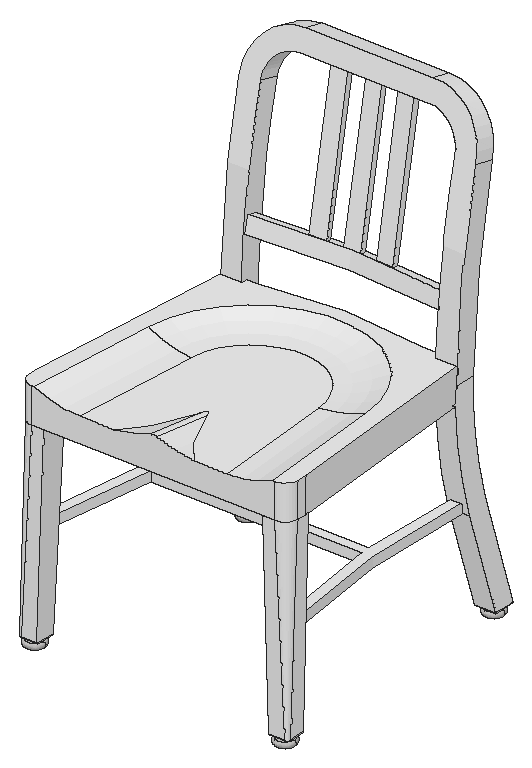
Revit family
Parameters (values of type "1006-C")
  Width = 15 1/2"
  Weight (lbs) = 0.4
  Warranties = "Life-time Warranty"  # constant formula
  URL = "www.emeco.net"
  Trolly for tow Stacks = "N/A"  # constant formula
  Stackable = "Does Not Stack"  # constant formula
  Spinneybeck Volo Leather = "Yes"  # constant formula
  Sound Attenuation Pad = ""
  Seat Pad Finish = EMECO-Black Vinyl
  Seat Pad Accessory [instance] = no
  Seat Material = "EMECO-Recycled Aluminum"  # constant formula
  Seat Height = 14 3/4"
  Seat Finish = EMECO-Hand Brushed
  Product Name = "Navy® Child’s Chair"  # constant formula
  Outdoor Warranty = "Life Time Warranty"  # constant formula
  Model = "1006-C"  # constant formula
  Manufacturer = "Emeco"  # constant formula
  Integrated Felt Glide = "Yes"  # constant formula
  Height = 29 1/2"
  Glides = EMECO-Steel Glide with Lexan® Caps
  Frame Material = "EMECO-Recycled Aluminum"  # constant formula
  Frame Finish = EMECO-Hand Brushed
  Fire Retardant Seat Pad = "C.o.m; 5yd C.o.l.;10sq Ft"  # constant formula
  Fire Retardant = "Certified Acc To Bs And Cal133"  # constant formula
  Depth = 19 1/2"
  Created by = "Contino"  # constant formula
  Collaborator = "U.S.Navy"  # constant formula
  Back Material = "EMECO-Recycled Aluminum"  # constant formula
  Back Finish = EMECO-Hand Brushed
  BIFMA = "Yes"  # constant formula
  Assembly Code = "E2020200"
Reference planes (in)
  plane 1 "Center Front/Back": y = 0
  plane 2 "Reference Plane": z = 0
  plane 3 "Center Left/Right": x = 0
  plane 4 "Left 1": x = -7.75
  plane 5 "Right 1": x = 7.75
  plane 6 "Front 1": y = -19.5
  plane 7 "Top 1": z = 14.75
  plane 8 "Top 2": z = 29.5
Forms (in)
  Extrusion 1, solid, material "EMECO-Hand Brushed" <- "Frame Finish"
    sketch origin (-0.06407, -7.61164, 0) x (1, 0, 0) y (0, 1, 0)
      loop
        arc (-6.21612, -1.48365) -> (-6.16769, 1.61462) -> (-6.32148, 4.70946) r 47.47382
        line (-6.32148, 4.70946) -> (-6.91417, 4.70946)
        arc (-6.91417, 4.70946) -> (-6.88167, -2.04561) -> (-7.77144, -8.74189) r 49.37756
        line (-7.77144, -8.74189) -> (-7.16743, -8.74189)
        arc (-7.16743, -8.74189) -> (-6.57468, -5.42648) -> (-6.24979, -2.07421) r 41.95177
        line (-6.24979, -2.07421) -> (6.37794, -2.07421)
        arc (6.37794, -2.07421) -> (6.70283, -5.42648) -> (7.29558, -8.74189) r 41.95177
        line (7.29558, -8.74189) -> (7.89959, -8.74189)
        arc (7.89959, -8.74189) -> (7.00982, -2.04561) -> (7.04232, 4.70946) r 49.37756
        line (7.04232, 4.70946) -> (6.44962, 4.70946)
        arc (6.44962, 4.70946) -> (6.29584, 1.61462) -> (6.34427, -1.48365) r 47.47382
        line (6.34427, -1.48365) -> (-6.21612, -1.48365)
    from 6 to 6.59055
  Extrusion 2, solid, material "EMECO-Hand Brushed" <- "Frame Finish"
    sketch origin (-22.46875, -7.61164, 0) x (0, 1, 0) y (0, 0, 1)
      loop
        arc (3.78838, 12.17741) -> (3.96017, 12.10924) -> (4.03849, 11.94184) r 0.25056
        arc (4.03849, 11.94184) -> (4.25611, 8.93964) -> (4.72866, 5.96689) r 35.30758
        line (4.72866, 5.96689) -> (5.83844, 0.5) -> (7.11404, 0.5) -> (5.90595, 6.45115)
        arc (5.90595, 6.45115) -> (5.48737, 9.07126) -> (5.28936, 11.7172) r 31.7016
        arc (5.28936, 11.7172) -> (5.94144, 20.15655) -> (7.94828, 28.3797) r 52.22508
        line (7.94828, 28.3797) -> (6.72833, 28.67193)
        arc (6.72833, 28.67193) -> (4.73558, 20.53036) -> (4.03953, 12.17741) r 53.47508
        line (4.03953, 12.17741) -> (3.78838, 12.17741)
    from 13.87342 to 31.06408
  Extrusion 3, void
    sketch origin (-22.46875, -7.61164, 0) x (1, 0, 0) y (0, 0, 1)
      loop
        arc (29.54938, 13.13264) -> (29.75121, 6.54461) -> (30.53283, 0) r 74.71854
        line (30.53283, 0) -> (29.27118, 0)
        arc (29.27118, 0) -> (28.54779, 6.06979) -> (28.29734, 12.17741) r 78.75481
        line (28.29734, 12.17741) -> (28.29734, 21.97479) -> (16.64016, 21.97479) -> (16.64016, 12.17741)
        arc (16.64016, 12.17741) -> (16.38971, 6.06979) -> (15.66632, 0) r 78.75481
        line (15.66632, 0) -> (14.40467, 0)
        arc (14.40467, 0) -> (15.18629, 6.54461) -> (15.38812, 13.13264) r 74.71854
        line (15.38812, 13.13264) -> (15.38812, 21.97479) -> (13.87342, 21.97479) -> (13.87342, -1.14703) -> (31.06408, -1.14703) -> (31.06408, 21.97479) -> (29.54938, 21.97479) -> (29.54938, 13.13264)
    from -8.18579 to -3.66758
  Sweep 4, solid, material "EMECO-Hand Brushed" <- "Back Finish"
    path in 3D
      loop
        line (1.49222, -0.87233, 26.17025) -> (1.49222, -2.57038, 17.43451)
    profile origin (1.49222, -1.72136, 21.80238) x (0.99863, -0.051374, 0.009986) y (-0.052336, -0.980282, 0.190547)
      loop
        line (0, -0.31496) -> (1, -0.31496) -> (1.01651, 0) -> (0, 0) -> (0, -0.31496)
  Sweep 5, solid, material "EMECO-Hand Brushed" <- "Back Finish"
    path in 3D
      loop
        line (-0.50021, -0.82204, 26.15859) -> (-0.50021, -2.5165, 17.44134)
    profile origin (-0.50021, -1.66927, 21.79997) x (0, -0.981627, 0.190809) y (-1, 0, 0)
      loop
        line (0, -1) -> (0, 0) -> (-0.31496, 0) -> (-0.31496, -1) -> (0, -1)
  Sweep 6, solid, material "EMECO-Hand Brushed" <- "Back Finish"
    path in 3D
      loop
        line (-2.49085, -2.62933, 17.40555) -> (-2.49085, -0.92335, 26.18207)
    profile origin (-2.49085, -1.77634, 21.79381) x (-0.052336, 0.980282, -0.190547) y (-0.99863, -0.051374, 0.009986)
      loop
        line (0, 0) -> (0, -1) -> (0.31496, -1) -> (0.31496, 0) -> (0, 0)
  Blend 7, solid, material "EMECO-Hand Brushed" <- "Frame Finish"
    base sketch origin (0, 0, 14.75) x (1, 0, 0) y (0, 1, 0)
      loop
        line (8.07085, -16.29385) -> (6.94585, -16.29385) -> (6.94585, -17.41885) -> (7.874, -17.41885)
        arc (7.874, -17.41885) -> (8.01319, -17.36119) -> (8.07085, -17.222) r 0.19685
        line (8.07085, -17.222) -> (8.07085, -16.29385)
    top sketch origin (0, 0, 14.75) x (1, 0, 0) y (0, 1, 0)
      loop
        line (8.07071, -15.91885) -> (6.57071, -15.91885) -> (6.57071, -17.41885) -> (7.28716, -17.41885)
        arc (7.28716, -17.41885) -> (7.83558, -17.19499) -> (8.07071, -16.6513) r 0.78372
        line (8.07071, -16.6513) -> (8.07071, -15.91885)
    from -14.25 to -2.6549
  Extrusion 8, void
    sketch origin (480, -1.24048, 27.54709) x (0, -0.238311, -0.971189) y (1, 0, 0)
      loop
        line (0, -483.82109) -> (0, -476.17891)
        spline (0, -476.17891) -> (0.01426, -475.75012) -> (0.08887, -475.32918) -> (0.22228, -474.92167) -> (0.41085, -474.53732) -> (0.65028, -474.18177) -> (0.93509, -473.86204) -> (1.25977, -473.58288) -> (1.61832, -473.3484) -> (2.0042, -473.16232) -> (2.41124, -473.02739) -> (2.83129, -472.94602) -> (3.25954, -472.91937)
        line (3.25954, -472.91937) -> (6.3545, -472.91937) -> (6.3545, -470.41937) -> (-3.8955, -470.41937) -> (-3.8955, -489.58063) -> (6.3545, -489.58063) -> (6.3545, -487.08063) -> (3.53203, -487.08063) -> (3.25954, -487.08063)
        spline (3.25954, -487.08063) -> (2.83813, -487.03562) -> (2.42706, -486.94064) -> (2.0291, -486.79645) -> (1.65178, -486.60529) -> (1.30072, -486.36966) -> (0.98126, -486.0926) -> (0.69888, -485.77782) -> (0.45867, -485.42995) -> (0.26513, -485.05387) -> (0.12224, -484.65538) -> (0.03348, -484.24334) -> (0, -483.82109)
      loop
        spline (1.25, -483.81362) -> (1.26793, -484.06877) -> (1.31875, -484.31471) -> (1.40275, -484.55572) -> (1.51799, -484.78476) -> (1.66312, -484.9992) -> (1.83584, -485.1955) -> (2.03338, -485.37029) -> (2.25239, -485.52053) -> (2.48899, -485.64355) -> (2.74048, -485.73766) -> (2.99941, -485.80064) -> (3.26864, -485.83226)
        line (3.26864, -485.83226) -> (6.3545, -485.83226) -> (6.3545, -474.16774) -> (3.26846, -474.16774)
        spline (3.26846, -474.16774) -> (2.99629, -474.18775) -> (2.73129, -474.24233) -> (2.47477, -474.33054) -> (2.23244, -474.45071) -> (2.00852, -474.60061) -> (1.80762, -474.77707) -> (1.63347, -474.97656) -> (1.48854, -475.1966) -> (1.37625, -475.43093) -> (1.2983, -475.67716) -> (1.25614, -475.9282) -> (1.25, -476.18621)
        line (1.25, -476.18621) -> (1.25, -483.81362)
    from -4.61778 to 12
  Extrusion 9, solid, material "EMECO-Hand Brushed" <- "Back Finish"
    sketch origin (0.04487, -13.06529, -2.1164) x (1, 0, 0) y (0, 0.9743, -0.225256)
      loop
        line (-5.88955, 5.816) -> (-5.88955, 5.25123)
        arc (-5.88955, 5.25123) -> (-0.0633, 5.82295) -> (5.76527, 5.27533) r 30.61781
        line (5.76527, 5.27533) -> (5.76527, 5.84138)
        arc (5.76527, 5.84138) -> (-0.06342, 6.4176) -> (-5.88955, 5.816) r 29.12633
    from 20.49718 to 21.48271
  Extrusion 10, solid, material "EMECO-Black Vinyl" <- "Seat Pad Finish", visible <- "Seat Pad Accessory"
    sketch origin (0.00148, -9.25842, -2.92368) x (1, 0, 0) y (0, 1, 0)
      loop
        line (-7.30395, -8.16043) -> (7.30228, -8.16043)
        arc (7.30228, -8.16043) -> (7.84516, -7.93556) -> (8.07003, -7.39268) r 0.76775
        line (8.07003, -7.39268) -> (8.07003, -6.82559) -> (7.06744, 5.7924)
        arc (7.06744, 5.7924) -> (-0.00158, 6.60473) -> (-7.06972, 5.78482) r 31.01929
        line (-7.06972, 5.78482) -> (-8.0717, -6.82559) -> (-8.0717, -7.39268)
        arc (-8.0717, -7.39268) -> (-7.84684, -7.93556) -> (-7.30395, -8.16043) r 0.76775
    from 17.09691 to 17.57515
  Extrusion 11, solid, material "EMECO-Black Vinyl" <- "Seat Pad Finish", visible <- "Seat Pad Accessory"
    sketch origin (0.00064, 2.17189, -3.93701) x (1, 0, 0) y (0, 0, 1)
      loop
        line (0.01528, 18.11024) -> (-7.17001, 18.11024)
        arc (-7.17001, 18.11024) -> (-6.02048, 17.71876) -> (-4.81939, 17.53976) r 6.74487
        line (-4.81939, 17.53976) -> (-2.27906, 17.53976)
        arc (-2.27906, 17.53976) -> (-1.11143, 17.74269) -> (0.01528, 18.11024) r 8.28046
      loop
        line (7.17004, 18.11024) -> (0.05589, 18.11024)
        arc (0.05589, 18.11024) -> (1.24138, 17.72831) -> (2.47074, 17.5285) r 8.28046
        line (2.47074, 17.5285) -> (4.43898, 17.5285)
        arc (4.43898, 17.5285) -> (5.83494, 17.67649) -> (7.17004, 18.11024) r 6.74487
    from 8.90334 to 19.59074
  Extrusion 12, solid, material "EMECO-Hand Brushed" <- "Seat Finish"
    sketch origin (0.03623, -10.71575, -5.0265) x (1, 0, 0) y (0, 0.133986, 0.990983)
      loop
        arc (-0.20043, 18.05396) -> (-1.39097, 17.7038) -> (-2.62027, 17.5341) r 8.34335
        line (-2.62027, 17.5341) -> (2.62027, 17.5341)
        arc (2.62027, 17.5341) -> (1.39097, 17.7038) -> (0.20043, 18.05396) r 8.34335
        arc (0.20043, 18.05396) -> (0, 18.09048) -> (-0.20043, 18.05396) r 0.56823
    from 2.48752 to 9.26967
  Extrusion 13, void
    sketch origin (0.03623, -7.37418, -3.43698) x (0, 0.99863, 0.052336) y (0, -0.052336, 0.99863)
      loop
        line (-9.1538, 17.26191) -> (-9.10146, 18.26054) -> (-9.37219, 18.27473) -> (-9.42453, 17.2761) -> (-9.1538, 17.26191)
    from -2.72998 to 2.75575
  Sweep 14, void
    path in 3D
      loop
        line (-4.46741, -18.0255, 13.35299) -> (-3.82305, -9.80071, 13.35299)
        arc (-3.82305, -9.80071, 13.35299) -> (0.00065, -6.26485, 13.35299) -> (3.82435, -9.80071, 13.35299) r 3.83542
        line (3.82435, -9.80071, 13.35299) -> (4.47794, -18.1432, 13.35299)
    profile origin (-4.14523, -13.9131, 13.35299) x (-0.996937, 0.078104, -0.004093) y (-0.004081, 0.00032, 0.999992)
      loop
        line (2.73771, 0.83145) -> (-0.00336, 0.82023) -> (-0.00098, 0.23851)
        arc (-0.00098, 0.23851) -> (1.39968, 0.39035) -> (2.73771, 0.83145) r 6.70678
  Extrusion 15, void
    sketch origin (0.00064, -7.57811, 26.66357) x (1, 0, 0) y (0, 1, 0)
      loop
        line (-3.82369, -2.2226) -> (-4.44011, -10.09074) -> (4.44013, -10.09074) -> (3.82371, -2.2226)
        arc (3.82371, -2.2226) -> (0.00001, 1.31325) -> (-3.82369, -2.2226) r 3.83542
    from -13.07208 to -11.7017
  Extrusion 16, solid, material "EMECO-Hand Brushed" <- "Seat Finish"
    sketch origin (-0.00016, -7.38954, -4.01513) x (1, 0, 0) y (0, 1, 0)
      loop
        line (-7.04767, 4.17284) -> (-8.07075, -8.70303) -> (-8.07075, -9.24558)
        arc (-8.07075, -9.24558) -> (-7.8412, -9.79976) -> (-7.28703, -10.0293) r 0.78372
        line (-7.28703, -10.0293) -> (7.28731, -10.0293)
        arc (7.28731, -10.0293) -> (7.83574, -9.80545) -> (8.07087, -9.26176) r 0.78372
        line (8.07087, -9.26176) -> (8.07087, -8.68444) -> (7.03933, 4.29784) -> (4.48649, 4.29784)
        arc (4.48649, 4.29784) -> (-0.32362, 4.69856) -> (-5.12167, 4.17284) r 25.14563
        line (-5.12167, 4.17284) -> (-7.04767, 4.17284)
    from 16.11024 to 18.18836
  Revolve 17, solid, material "EMECO-Steel Glide with Lexan® Caps" <- "Glides"
    sketch origin (-0.40985, -16.8637, 0.00252) x (1, 0, 0) y (0, 0, 1)
      loop
        line (-7.6636, -0.00252) -> (-7.125, -0.00252) -> (-7.125, 0.46484) -> (-7.375, 0.46484) -> (-7.375, 0.3125) -> (-7.6636, 0.3125)
        arc (-7.6636, 0.3125) -> (-7.75036, 0.15499) -> (-7.6636, -0.00252) r 0.18636
      axis (-7.125, 0.46484) -> (-7.125, -0.00252)
    angle from 0 to 360
  Extrusion 18, solid, material "EMECO-Steel Glide with Lexan® Caps" <- "Glides"
    sketch origin (-0.05043, -7.56209, 30.61184) x (1, 0, 0) y (0, 1, 0)
      loop
        line (-7.77415, -9.84074) -> (-6.89542, -9.84074) -> (-6.89542, -8.73176) -> (-8.02042, -8.73176) -> (-8.02042, -9.59351)
        arc (-8.02042, -9.59351) -> (-7.94835, -9.76799) -> (-7.77415, -9.84074) r 0.24723
      loop
        arc (7.87567, -9.84074) -> (8.04987, -9.76799) -> (8.12194, -9.59351) r 0.24723
        line (8.12194, -9.59351) -> (8.12194, -8.73176) -> (6.99608, -8.73176) -> (6.99608, -9.84074) -> (7.87567, -9.84074)
      loop
        line (-7.93317, 7.06448) -> (-7.93317, 5.78888) -> (-6.67427, 5.78888) -> (-6.67427, 7.06448) -> (-7.93317, 7.06448)
      loop
        line (8.03403, 7.06448) -> (6.77512, 7.06448) -> (6.77512, 5.78888) -> (8.03403, 5.78888) -> (8.03403, 7.06448)
    from -30.14448 to -30.11184
  Revolve 19, solid, material "EMECO-Steel Glide with Lexan® Caps" <- "Glides"
    sketch origin (0.3715, -16.89495, 0.00252) x (-1, 0, 0) y (0, 0, -1)
      loop
        arc (-7.6636, 0.00252) -> (-7.75036, -0.15499) -> (-7.6636, -0.3125) r 0.18636
        line (-7.6636, -0.3125) -> (-7.375, -0.3125) -> (-7.375, -0.46484) -> (-7.125, -0.46484) -> (-7.125, 0.00252) -> (-7.6636, 0.00252)
      axis (-7.125, -0.46484) -> (-7.125, 0.00252)
    angle from 0 to 360
  Revolve 20, solid, material "EMECO-Steel Glide with Lexan® Caps" <- "Glides"
    sketch origin (-0.23229, -1.13871, 0.00252) x (1, 0, 0) y (0, 0, 1)
      loop
        line (-7.6636, -0.00252) -> (-7.125, -0.00252) -> (-7.125, 0.46484) -> (-7.375, 0.46484) -> (-7.375, 0.3125) -> (-7.6636, 0.3125)
        arc (-7.6636, 0.3125) -> (-7.75036, 0.15499) -> (-7.6636, -0.00252) r 0.18636
      axis (-7.125, 0.46484) -> (-7.125, -0.00252)
    angle from 0 to 360
  Revolve 21, solid, material "EMECO-Steel Glide with Lexan® Caps" <- "Glides"
    sketch origin (0.24081, -1.10746, 0.00252) x (-1, 0, 0) y (0, 0, -1)
      loop
        arc (-7.6636, 0.00252) -> (-7.75036, -0.15499) -> (-7.6636, -0.3125) r 0.18636
        line (-7.6636, -0.3125) -> (-7.375, -0.3125) -> (-7.375, -0.46484) -> (-7.125, -0.46484) -> (-7.125, 0.00252) -> (-7.6636, 0.00252)
      axis (-7.125, -0.46484) -> (-7.125, 0.00252)
    angle from 0 to 360
  Blend 22, solid, material "EMECO-Hand Brushed" <- "Frame Finish"
    base sketch origin (0, 0, 14.75) x (-1, 0, 0) y (0, -1, 0)
      loop
        line (8.07085, 16.29385) -> (8.07085, 17.222)
        arc (8.07085, 17.222) -> (8.01319, 17.36119) -> (7.874, 17.41885) r 0.19685
        line (7.874, 17.41885) -> (6.94585, 17.41885) -> (6.94585, 16.29385) -> (8.07085, 16.29385)
    top sketch origin (0, 0, 14.75) x (-1, 0, 0) y (0, -1, 0)
      loop
        line (8.07071, 15.91885) -> (8.07071, 16.6513)
        arc (8.07071, 16.6513) -> (7.83558, 17.19499) -> (7.28716, 17.41885) r 0.78372
        line (7.28716, 17.41885) -> (6.57071, 17.41885) -> (6.57071, 15.91885) -> (8.07071, 15.91885)
    from -14.25 to -2.6549
Cuts and joins
  Extrusion 3 cuts Extrusion 1
  Extrusion 3, Extrusion 8 cuts Extrusion 2
  joined: Extrusion 10, Extrusion 11
  Extrusion 13 cuts Extrusion 12
  Sweep 14, Extrusion 15 cuts Extrusion 16
  joined: Extrusion 12, Extrusion 16
Lines and regions (in)
  Masking region 1
    outline origin (0.02205, 0, -3.93701) x (1, 0, 0) y (0, 0, 1)
      loop
        line (-7.08063, 30.19838) -> (-7.08063, 18.68701) -> (-7.77205, 18.68701) -> (-7.77205, 4.40437) -> (-7.55188, 4.40437) -> (-7.55188, 4.25203) -> (-7.84048, 4.25203)
        arc (-7.84048, 4.25203) -> (-7.92447, 4.09452) -> (-7.84048, 3.93701) r 0.18969
        line (-7.84048, 3.93701) -> (-6.58571, 3.93701)
        arc (-6.58571, 3.93701) -> (-6.4987, 4.09452) -> (-6.58571, 4.25203) r 0.18607
        line (-6.58571, 4.25203) -> (-6.87431, 4.25203) -> (-6.87431, 4.40437) -> (-6.63235, 4.40437) -> (-6.63235, 4.43701) -> (-6.60396, 5.40215)
        arc (-6.60396, 5.40215) -> (-6.31888, 7.66589) -> (-6.10022, 9.93701) r 77.8866
        line (-6.10022, 9.93701) -> (6.05611, 9.93701)
        arc (6.05611, 9.93701) -> (6.27477, 7.66589) -> (6.55985, 5.40215) r 77.8866
        line (6.55985, 5.40215) -> (6.5892, 4.40437) -> (6.8302, 4.40437) -> (6.8302, 4.25203) -> (6.5416, 4.25203)
        arc (6.5416, 4.25203) -> (6.45459, 4.09452) -> (6.5416, 3.93701) r 0.18607
        line (6.5416, 3.93701) -> (7.79637, 3.93701)
        arc (7.79637, 3.93701) -> (7.88036, 4.09452) -> (7.79637, 4.25203) r 0.18969
        line (7.79637, 4.25203) -> (7.50777, 4.25203) -> (7.50777, 4.40437) -> (7.72795, 4.40437) -> (7.72795, 18.68701) -> (7.08063, 18.68701) -> (7.08063, 30.22358)
        spline (7.08063, 30.22358) -> (7.04542, 30.65389) -> (6.95462, 31.07506) -> (6.80984, 31.47983) -> (6.61386, 31.86144) -> (6.3704, 32.21355) -> (6.08364, 32.53016) -> (5.75865, 32.80611) -> (5.40113, 33.03673) -> (5.01735, 33.21801) -> (4.61403, 33.34736) -> (4.19823, 33.42329) -> (3.777, 33.44432)
        line (3.777, 33.44432) -> (-3.75115, 33.44432)
        spline (-3.75115, 33.44432) -> (-4.17575, 33.42335) -> (-4.59489, 33.34707) -> (-5.00128, 33.21637) -> (-5.38797, 33.03334) -> (-5.74823, 32.801) -> (-6.07572, 32.52291) -> (-6.36483, 32.20391) -> (-6.61024, 31.84909) -> (-6.80774, 31.46447) -> (-6.95363, 31.05652) -> (-7.04514, 30.63205) -> (-7.08063, 30.19838)
      loop
        line (-5.85991, 30.03646) -> (-5.85991, 21.71519)
        arc (-5.85991, 21.71519) -> (-4.18595, 21.84196) -> (-2.50933, 21.92645) r 66.52122
        line (-2.50933, 21.92645) -> (-2.50933, 31.92639) -> (-3.77205, 31.92639)
        arc (-3.77205, 31.92639) -> (-5.18015, 31.38373) -> (-5.85991, 30.03646) r 2.09822
      loop
        arc (-1.50933, 21.95667) -> (-1.0049, 21.96621) -> (-0.5004, 21.97192) r 66.52122
        line (-0.5004, 21.97192) -> (-0.5004, 31.92639) -> (-1.50933, 31.92639) -> (-1.50933, 21.95667)
      loop
        arc (0.4996, 21.97192) -> (1.00449, 21.96621) -> (1.50933, 21.95667) r 66.52122
        line (1.50933, 21.95667) -> (1.50933, 31.92639) -> (0.4996, 31.92639) -> (0.4996, 21.97192)
      loop
        arc (2.50933, 21.92645) -> (4.16905, 21.84303) -> (5.82617, 21.71817) r 66.52122
        line (5.82617, 21.71817) -> (5.82617, 29.82817)
        arc (5.82617, 29.82817) -> (5.21161, 31.31183) -> (3.72795, 31.92639) r 2.09822
        line (3.72795, 31.92639) -> (2.50933, 31.92639) -> (2.50933, 21.92645)
      loop
        line (5.82866, 18.68701) -> (5.82866, 20.8996)
        arc (5.82866, 20.8996) -> (-0.0156, 21.13867) -> (-5.85991, 20.90065) r 71.7109
        line (-5.85991, 20.90065) -> (-5.85991, 18.68701) -> (5.82866, 18.68701)
      loop
        arc (6.01023, 10.52756) -> (5.84406, 13.6052) -> (5.79979, 16.68701) r 77.8866
        line (5.79979, 16.68701) -> (-5.84389, 16.68701)
        arc (-5.84389, 16.68701) -> (-5.88817, 13.6052) -> (-6.05434, 10.52756) r 77.8866
        line (-6.05434, 10.52756) -> (6.01023, 10.52756)
  Masking region 2
    outline origin (0, 16.50189, 2.39567) x (0, 1, 0) y (0, 0, 1)
      loop
        line (-16.50053, 26.79638) -> (-17.78376, 27.10367)
        arc (-17.78376, 27.10367) -> (-19.46263, 19.92582) -> (-20.17207, 12.58845) r 55.30985
        arc (-20.17207, 12.58845) -> (-20.22543, 12.42446) -> (-20.38299, 12.35433) r 0.21207
        line (-20.38299, 12.35433) -> (-36.00189, 12.35433) -> (-36.00189, -1.92831) -> (-35.73374, -1.92831) -> (-35.73374, -2.08065) -> (-36.0117, -2.08065)
        arc (-36.0117, -2.08065) -> (-36.09718, -2.23816) -> (-36.0117, -2.39567) r 0.18786
        line (-36.0117, -2.39567) -> (-34.90324, -2.39567)
        arc (-34.90324, -2.39567) -> (-34.81439, -2.23816) -> (-34.90324, -2.08065) r 0.18404
        line (-34.90324, -2.08065) -> (-35.18567, -2.08065) -> (-35.18567, -1.92831) -> (-34.95012, -1.92831) -> (-34.95012, -1.89567) -> (-34.84694, 3.60433) -> (-19.49967, 3.60433) -> (-18.37565, -1.92831) -> (-17.92802, -1.92831) -> (-17.92802, -2.08065) -> (-18.21046, -2.08065)
        arc (-18.21046, -2.08065) -> (-18.29931, -2.23816) -> (-18.21046, -2.39567) r 0.18404
        line (-18.21046, -2.39567) -> (-17.102, -2.39567)
        arc (-17.102, -2.39567) -> (-17.01652, -2.23816) -> (-17.102, -2.08065) r 0.18786
        line (-17.102, -2.08065) -> (-17.37996, -2.08065) -> (-17.37996, -1.92831) -> (-17.05144, -1.92831)
        arc (-17.05144, -1.92831) -> (-18.17466, 3.9004) -> (-18.88078, 9.79419) r 83.4666
        arc (-18.88078, 9.79419) -> (-18.84984, 11.07459) -> (-18.79849, 12.35433) r 80.34423
        arc (-18.79849, 12.35433) -> (-18.19915, 19.66281) -> (-16.50053, 26.79638) r 48.30865
      loop
        line (-20.42962, 9.77783) -> (-34.71845, 9.77783) -> (-34.83206, 4.19488) -> (-19.61965, 4.19488)
        arc (-19.61965, 4.19488) -> (-20.00473, 6.82486) -> (-20.17486, 9.47744) r 32.68782
        arc (-20.17486, 9.47744) -> (-20.24911, 9.67269) -> (-20.42962, 9.77783) r 0.3132
  Masking region 3
    outline origin (-0.00685, -7.61461, 0) x (1, 0, 0) y (0, 1, 0)
      loop
        line (-7.09066, 3.8304) -> (-8.27508, -11.11764)
        arc (-8.27508, -11.11764) -> (-8.05021, -11.66052) -> (-7.50733, -11.88539) r 0.76775
        line (-7.50733, -11.88539) -> (7.52103, -11.88539)
        arc (7.52103, -11.88539) -> (8.03513, -11.68785) -> (8.28468, -11.19688) r 0.76775
        line (8.28468, -11.19688) -> (7.08547, 3.89576)
        arc (7.08547, 3.89576) -> (7.41132, 4.67166) -> (7.75685, 5.439) r 33.00607
        line (7.75685, 5.439) -> (7.75685, 7.21624) -> (6.80605, 7.21624)
        spline (6.80605, 7.21624) -> (6.80391, 7.2135) -> (6.80177, 7.21077) -> (6.79963, 7.20803) -> (6.7975, 7.20529) -> (6.79537, 7.20255) -> (6.79324, 7.19981) -> (6.79111, 7.19707) -> (6.78899, 7.19433) -> (6.78687, 7.19159) -> (6.78475, 7.18885) -> (6.78263, 7.18611) -> (6.78052, 7.18337)
        spline (6.78052, 7.18337) -> (6.63519, 7.24554) -> (6.46444, 7.30435) -> (6.26979, 7.35926) -> (6.05297, 7.40981) -> (5.81592, 7.45552) -> (5.56075, 7.496) -> (5.28974, 7.53088) -> (5.00531, 7.55986) -> (4.71, 7.58267) -> (4.40643, 7.59911) -> (4.09733, 7.60903) -> (3.78544, 7.61235)
        line (3.78544, 7.61235) -> (-3.74433, 7.61235)
        spline (-3.74433, 7.61235) -> (-4.0588, 7.609) -> (-4.37046, 7.59899) -> (-4.67653, 7.58241) -> (-4.97427, 7.5594) -> (-5.26102, 7.53017) -> (-5.53424, 7.49498) -> (-5.79146, 7.45415) -> (-6.0304, 7.40804) -> (-6.24893, 7.35706) -> (-6.44508, 7.30167) -> (-6.61711, 7.24236) -> (-6.76349, 7.17966)
        spline (-6.76349, 7.17966) -> (-6.76586, 7.18271) -> (-6.76824, 7.18576) -> (-6.77062, 7.18881) -> (-6.773, 7.19186) -> (-6.77539, 7.1949) -> (-6.77777, 7.19795) -> (-6.78016, 7.201) -> (-6.78256, 7.20405) -> (-6.78495, 7.2071) -> (-6.78735, 7.21015) -> (-6.78976, 7.2132) -> (-6.79216, 7.21624)
        line (-6.79216, 7.21624) -> (-7.74315, 7.21624) -> (-7.74315, 5.47948)
        arc (-7.74315, 5.47948) -> (-7.38344, 4.66818) -> (-7.09066, 3.8304) r 10.94335
      loop
        arc (-5.80811, 5.02119) -> (-4.14231, 5.21381) -> (-2.4703, 5.34173) r 43.26336
        line (-2.4703, 5.34173) -> (-2.4703, 6.13458)
        spline (-2.4703, 6.13458) -> (-2.95444, 6.11168) -> (-3.41225, 6.08482) -> (-3.83968, 6.05425) -> (-4.23296, 6.02025) -> (-4.5886, 5.9831) -> (-4.90345, 5.94315) -> (-5.17473, 5.90074) -> (-5.40004, 5.85624) -> (-5.57738, 5.81006) -> (-5.70518, 5.76261) -> (-5.78232, 5.71429) -> (-5.80811, 5.66554)
        line (-5.80811, 5.66554) -> (-5.80811, 5.02119)
      loop
        line (5.84921, 5.02119) -> (5.84921, 5.66554)
        spline (5.84921, 5.66554) -> (5.82357, 5.71415) -> (5.74686, 5.76234) -> (5.61975, 5.80967) -> (5.44338, 5.85574) -> (5.21928, 5.90013) -> (4.94943, 5.94246) -> (4.63621, 5.98235) -> (4.28237, 6.01946) -> (3.89103, 6.05345) -> (3.46563, 6.08402) -> (3.00991, 6.11091) -> (2.52789, 6.13389)
        line (2.52789, 6.13389) -> (2.52789, 5.34079)
        arc (2.52789, 5.34079) -> (4.19163, 5.21302) -> (5.84921, 5.02119) r 43.26409
      loop
        spline (-1.47167, 5.38713) -> (-1.3903, 5.38982) -> (-1.30864, 5.39236) -> (-1.2267, 5.39475) -> (-1.1445, 5.39699) -> (-1.06206, 5.39907) -> (-0.9794, 5.401) -> (-0.89653, 5.40278) -> (-0.81347, 5.40441) -> (-0.73023, 5.40588) -> (-0.64684, 5.40719) -> (-0.56331, 5.40835) -> (-0.47966, 5.40936)
        line (-0.47966, 5.40936) -> (-0.47966, 6.18243)
        spline (-0.47966, 6.18243) -> (-0.56331, 6.18173) -> (-0.64684, 6.18093) -> (-0.73023, 6.18002) -> (-0.81347, 6.17901) -> (-0.89653, 6.17788) -> (-0.9794, 6.17665) -> (-1.06206, 6.17532) -> (-1.1445, 6.17387) -> (-1.2267, 6.17233) -> (-1.30864, 6.17067) -> (-1.3903, 6.16892) -> (-1.47167, 6.16705)
        line (-1.47167, 6.16705) -> (-1.47167, 5.38713)
      loop
        spline (0.52034, 5.40936) -> (0.60403, 5.40836) -> (0.6876, 5.4072) -> (0.77102, 5.40588) -> (0.85429, 5.40441) -> (0.93739, 5.40279) -> (1.0203, 5.40101) -> (1.103, 5.39908) -> (1.18547, 5.39699) -> (1.2677, 5.39475) -> (1.34968, 5.39236) -> (1.43137, 5.38982) -> (1.51278, 5.38713)
        line (1.51278, 5.38713) -> (1.51278, 6.16705)
        spline (1.51278, 6.16705) -> (1.43137, 6.16892) -> (1.34968, 6.17068) -> (1.2677, 6.17233) -> (1.18547, 6.17388) -> (1.103, 6.17532) -> (1.0203, 6.17666) -> (0.93739, 6.17789) -> (0.85429, 6.17901) -> (0.77102, 6.18003) -> (0.6876, 6.18094) -> (0.60403, 6.18174) -> (0.52034, 6.18243)
        line (0.52034, 6.18243) -> (0.52034, 5.40936)
  symbolic lines
    curve 1: line (5.82085, 0, 12.75) -> (6.25, 0, 12.75)
    curve 2: arc (-7.22795, 0, 14.75) -> (-3.60295, 0, 14.13474) -> (0.02205, 0, 14.75) r 10.98658
    curve 3: arc (0.02205, 0, 14.75) -> (3.66174, 0, 14.19149) -> (7.30312, 0, 14.73885) r 12.26117
    curve 4: line (0, -3.11776, 6.59055) -> (0, -2.99778, 6)
    curve 5: line (-7.0974, -3.88561, 14.75) -> (-7.0974, -0.73674, 14.75)
    curve 6: line (-5.81496, -2.59342, 14.75) -> (-5.81496, -3.88561, 14.75)
    curve 7: line (-5.81496, -3.88561, 14.75) -> (-7.0974, -3.88561, 14.75)
    curve 8: line (5.84236, -2.59342, 14.75) -> (5.84236, -3.88561, 14.75)
    curve 9: line (5.84236, -3.88561, 14.75) -> (7.07868, -3.88561, 14.75)
    curve 10: line (7.07868, -3.88561, 14.75) -> (7.07868, -0.70876, 14.75)
    curve 11: spline (-7.0974, -1.92626, 14.75) -> (-7.00909, -1.83828, 14.75) -> (-6.80569, -1.75212, 14.75) -> (-6.49054, -1.66921, 14.75) -> (-6.06886, -1.59092, 14.75) -> (-5.5476, -1.51854, 14.75) -> (-4.93536, -1.45328, 14.75) -> (-4.24227, -1.3962, 14.75) -> (-3.47975, -1.34825, 14.75) -> (-2.6604, -1.31021, 14.75) -> (-1.79775, -1.28273, 14.75) -> (-0.90605, -1.26624, 14.75) -> (0, -1.26104, 14.75)
    curve 12: line (-2.47715, -1.48003, 14.75) -> (-1.47776, -1.44754, 14.75)
    curve 13: line (-0.48651, -1.43218, 14.75) -> (0.51392, -1.43218, 14.75)
    curve 14: line (1.50592, -1.44756, 14.75) -> (2.52104, -1.48072, 14.75)
    curve 15: line (-2.47715, -2.27442, 14.75) -> (-2.47715, -2.70517, 14.75)
    curve 16: line (-1.47852, -2.22748, 14.75) -> (-1.47852, -2.65824, 14.75)
    curve 17: line (-0.48849, -2.20007, 14.75) -> (-0.48849, -2.63597, 14.75)
    curve 18: line (0.51392, -2.636, 14.75) -> (0.51392, -2.1981, 14.75)
    curve 19: line (2.52104, -2.26505, 14.75) -> (2.52104, -2.70618, 14.75)
    curve 20: line (1.50592, -2.2304, 14.75) -> (1.50592, -2.65824, 14.75)
    curve 24: line (-7.75, -0.39837, 14.75) -> (-7.0974, -1.95835, 14.75)
    curve 25: arc (2.52104, -2.70618, 14.75) -> (2.01372, -2.67707, 14.75) -> (1.50592, -2.65824, 14.75) r 25.08541
    curve 26: arc (0.51392, -2.636, 14.75) -> (0.01271, -2.64007, 14.75) -> (-0.48849, -2.63597, 14.75) r 30.77178
    curve 27: arc (-1.47852, -2.65824, 14.75) -> (-1.978, -2.67815, 14.75) -> (-2.47715, -2.70517, 14.75) r 35.13962
    curve 28: arc (5.84236, -3.27384, 14.75) -> (0.01396, -2.70806, 14.75) -> (-5.81496, -3.2685, 14.75) r 30.44762
    curve 29: arc (5.84236, -3.39884, 14.75) -> (0.01396, -2.83306, 14.75) -> (-5.81496, -3.3935, 14.75) r 30.44762
    curve 30: spline (7.07868, -1.89407, 14.75) -> (6.95381, -1.80921, 14.75) -> (6.72158, -1.72652, 14.75) -> (6.38559, -1.64729, 14.75) -> (5.95105, -1.57274, 14.75) -> (5.42472, -1.50403, 14.75) -> (4.81475, -1.44224, 14.75) -> (4.13063, -1.38831, 14.75) -> (3.38297, -1.34308, 14.75) -> (2.58338, -1.30726, 14.75) -> (1.74427, -1.28141, 14.75) -> (0.87866, -1.26592, 14.75) -> (0, -1.26104, 14.75)
    curve 31: line (-5.83786, -19.5, 17.78094) -> (-5.83786, -19.5, 16.96619)
    curve 32: line (5.84822, -19.5, 17.78116) -> (5.84822, -19.5, 16.9628)
    curve 33: arc (0.52165, -19.5, 18.03491) -> (0.02165, -19.5, 18.03668) -> (-0.47835, -19.5, 18.03491) r 70.65038
    curve 34: arc (-1.48728, -19.5, 18.01967) -> (-1.98735, -19.5, 18.00705) -> (-2.48728, -19.5, 17.98945) r 50.10552
    curve 35: arc (1.53134, -19.5, 18.01967) -> (2.03142, -19.5, 18.00705) -> (2.53134, -19.5, 17.98945) r 50.10552
    curve 36: line (3.75, -19.5, 28.28977) -> (-3.75, -19.5, 28.28977)
    curve 37: arc (-3.75, -19.5, 28.28977) -> (-5.263, -19.5, 27.64174) -> (-5.83786, -19.5, 26.09945) r 2.09025
    curve 38: arc (3.75, -19.5, 28.28977) -> (5.34341, -19.5, 27.5666) -> (5.84822, -19.5, 25.89116) r 2.11703
    curve 39: line (-7.05858, -19.5, 14.75) -> (-5.83786, -19.5, 14.75)
    curve 40: line (-2.48728, -19.5, 27.98938) -> (-2.48728, -19.5, 28.14252)
    curve 41: line (-1.48728, -19.5, 27.98938) -> (-1.48728, -19.5, 28.14252)
    curve 42: line (-0.47835, -19.5, 27.98938) -> (-0.47835, -19.5, 28.14252)
    curve 43: line (0.52165, -19.5, 27.98938) -> (0.52165, -19.5, 28.14252)
    curve 44: line (-0.47835, -19.5, 28.14252) -> (0.52165, -19.5, 28.14252)
    curve 45: line (2.53138, -19.5, 27.98938) -> (2.53138, -19.5, 28.14252)
    curve 46: line (1.53138, -19.5, 27.98938) -> (1.53138, -19.5, 28.14252)
    curve 47: line (1.53138, -19.5, 28.14252) -> (2.53138, -19.5, 28.14252)
    curve 48: line (-1.48728, -19.5, 28.14252) -> (-2.48728, -19.5, 28.14252)
    curve 49: line (5.85072, -19.5, 14.75) -> (7.10268, -19.5, 14.75)
    curve 50: arc (-6.77034, -0.43495, 14.75) -> (-6.95321, -0.56489, 14.75) -> (-7.0974, -0.73674, 14.75) r 0.8825
    curve 51: arc (6.77366, -0.43124, 14.75) -> (6.94715, -0.54694, 14.75) -> (7.07868, -0.70876, 14.75) r 0.6974
    curve 52: line (7.07868, -1.89498, 14.75) -> (7.75, -0.39837, 14.75)
    curve 56: line (6.4942, 0, 6.59055) -> (6.03229, 0, 6.59055)
    curve 57: line (6.07817, 0, 6) -> (6.50965, 0, 6)
    curve 58: line (-7.74999, -19.5, 0.5) -> (-6.61029, -19.5, 0.5)
    curve 59: line (-6.85226, -19.5, 0.46736) -> (-7.52982, -19.5, 0.46736)
    curve 60: line (-7.52982, -19.5, 0.31502) -> (-6.85226, -19.5, 0.31502)
    curve 61: line (7.74999, -19.5, 0.5) -> (6.61029, -19.5, 0.5)
    curve 62: line (6.85226, -19.5, 0.46736) -> (7.52982, -19.5, 0.46736)
    curve 63: line (7.52982, -19.5, 0.31502) -> (6.85226, -19.5, 0.31502)
    curve 64: line (0, -1.88039, 0.5) -> (0, -0.55705, 0.5)
    curve 65: line (0, -1.42614, 0.46736) -> (0, -0.87807, 0.46736)
    curve 66: line (0, -0.87807, 0.31502) -> (0, -1.42614, 0.31502)
    curve 67: line (0, -18.44823, 0.5) -> (0, -19.5, 0.5)
    curve 68: line (0, -19.23185, 0.46736) -> (0, -18.68378, 0.46736)
    curve 69: line (0, -18.68378, 0.31502) -> (0, -19.23185, 0.31502)
    curve 70: arc (6.58191, -19.5, 1.46515) -> (6.47948, -19.5, 7.10944) -> (6.25, -19.5, 12.75) r 250.73823
    curve 71: line (-5.82085, 0, 12.75) -> (-6.25, 0, 12.75)
    curve 72: line (-6.4942, 0, 6.59055) -> (-6.03229, 0, 6.59055)
    curve 73: line (-6.07817, 0, 6) -> (-6.50965, 0, 6)
    curve 74: arc (-6.58191, -19.5, 1.46515) -> (-6.47948, -19.5, 7.10944) -> (-6.25, -19.5, 12.75) r 250.73823
  sketch lines
    curve 21: line (1.49222, -0.87233, 26.17025) -> (1.49222, -2.57038, 17.43451)
    curve 22: line (-0.50021, -0.82204, 26.15859) -> (-0.50021, -2.5165, 17.44134)
    curve 23: line (-2.49085, -2.62933, 17.40555) -> (-2.49085, -0.92335, 26.18207)
    curve 53: line (-4.46741, -18.0255, 13.35299) -> (-3.82305, -9.80071, 13.35299)
    curve 54: arc (-3.82305, -9.80071, 13.35299) -> (0.00065, -6.26485, 13.35299) -> (3.82435, -9.80071, 13.35299) r 3.83542
    curve 55: line (4.47794, -18.1432, 13.35299) -> (3.82435, -9.80071, 13.35299)
Dimensions and locks (in)
  plane 1 "Center Front/Back" to plane 6 "Front 1" = 19 1/2"
  plane 4 "Left 1" to plane 5 "Right 1" = 15 1/2"  (x2)
  plane 7 "Top 1" to level = 14 3/4"
  plane 8 "Top 2" to level = 29 1/2"
  level to plane 7 "Top 1" = 14 3/4"
  plane 2 "Reference Plane" to plane 8 "Top 2" = 29 1/2"
  plane 6 "Front 1" to plane 1 "Center Front/Back" = 19 1/2"
  aligned and locked: Extrusion 2 to Extrusion 3
  aligned and locked: Extrusion 3 to Extrusion 2
